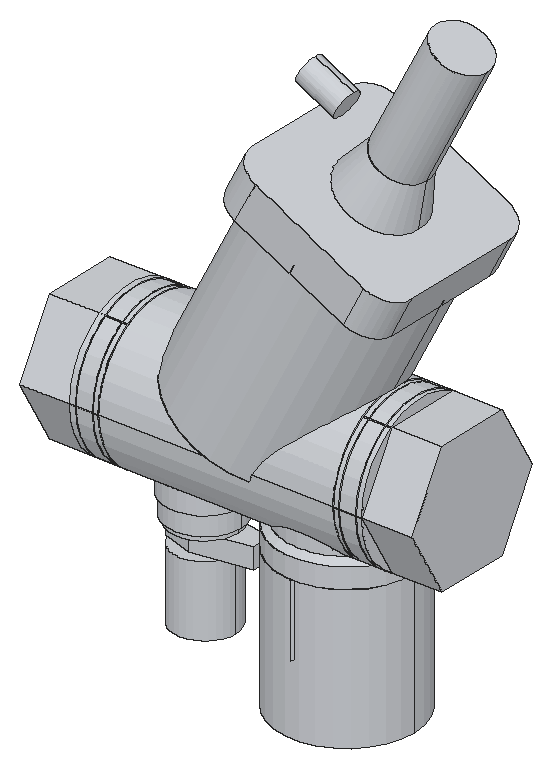
Revit family "PV_Compact_DN040_ 20-80_FF_měř-vyp_RFA_2019", category Pipe Accessories, Revit 2019
Family settings
  Round Connector Dimension = Use Diameter
  Part Type = Valve - Breaks Into
  Work Plane-Based = No
  Always vertical = Yes
  Cut with Voids When Loaded = No
  Shared = No
Parameters (values of type "PV Compact DN40 FF s měřením a vypouštěním (20-80kPa)")
  magiProductId = "edae53f0ee9843aa9c005a0dbc2db4"
  magiProductFamilyId = "88c57951ecb64b5d83dd1d4eb8fc72"
  magiPartTypeId = 304
  isMeasuringValve [instance] = no
  ang2D [instance] = 0.00°
  Z7 = 15 mm
  Z6 = 46.8 mm
  Z5 = 109.2 mm
  Z4 = 93.6 mm
  Z3 = 15.6 mm
  Z2 = 78 mm
  XR3 = 42.5 mm
  XR2 = 37.5 mm
  XR1 = 25.5 mm
  W2D = 15 mm
  VersionID = "2.0/2018.12.13.2/FRESE_PV_COMPACT_PLUG_Q13_001"
  Use Minimum Symbol Size [instance] = no
  URL = "www.hydronic.cz"
  Type Comments = "závitový s vnitřním závitem; s měřicí vsuvkou a vypouštěním; PN25; dpmax=450kPa; -10~+120°C"
  R5 = 5 mm
  R4 = 15 mm
  R3 = 10 mm
  R2 = 26.5 mm
  R1 = 31.5 mm
  QmdConnectorList = "301;D;302;D"
  Productdata [instance] = ""
  PH__ve = -PH  # -25.2 mm
  PH = 25.2 mm
  NL__ve = -NL  # -27.6 mm
  NL = 27.6 mm
  Manufacturer = "Hydronic Systems Prague s.r.o."
  MC Use Limits From Balancing Method = no
  MC Throttling Minimum Value = 0
  MC Throttling Maximum Value = 0
  MC Product Code = "53-3249 DN40; FF; nastavitelný rozsah dp=20~80kPa; Q=3000~8000l/h;  kvs=15,8"
  MC Pressure Drop Minimum Value = 0.0 Pa
  MC Pressure Drop Maximum Value = 0.0 Pa
  MC Piping Given Pressure Drop [instance] = 0.0 Pa
  M5 = 51.4 mm
  M4 = 49.4 mm
  M3 = 43.4 mm
  M2 = 41.4 mm
  LP = 69 mm
  LM = 82.8 mm
  LL__ve = -LL  # -7.1 mm
  LLT__ve = -LLT  # -24.7 mm
  LLT = 24.7 mm
  LL2 = 46 mm
  LL = 7.1 mm
  L3 = 25 mm
  L2D_Min = 30.48 mm
  L2D = 65 mm
  Description = "Nastavitelný regulátor tlakové diference"
  DR1 = yes
  DR0 = no
  DL2 = 80 mm
  D = 40 mm
  CenSd_R2_6 = R2 * cos(30.00°)  # 22.95 mm
  CAT0 = yes
  C0D1 = yes
  C0D0 = no
Types (10, lengths in mm): name | magiProductId | Z6 | Z5 | Z4 | Z3 | Z2 | XR3 | XR2 | XR1 | R2 | R1 | PH__ve | PH | NL__ve | NL | MC Product Code | M5 | M4 | M3 | M2 | LP | LM | LL__ve | LLT__ve | LLT | LL2 | LL | L3 | DL2 | D | CenSd_R2_6
  PV Compact DN15 FF s měřením a vypouštěním (20-60kPa) | "ebd4dd38c61a47e78db1b31e427098" | 24.6 | 57.4 | 49.2 | 8.2 | 41 | 30 | 25 | 13 | 14 | 19 | -22.4 | 22.4 | -15 | 15 | "53-3243 DN15; FF; nastavitelný rozsah dp=20~60kPa; Q=100~1000l/h;  kvs=2,9" | 32.5 | 30.5 | 24.5 | 22.5 | 37.5 | 45 | -5.7 | -14.9 | 14.9 | 32 | 5.7 | 11 | 66 | 15 | 12.124
  PV Compact DN15 FF s měřením a vypouštěním ( 5-30kPa) | "1e13aaf8f1b54965adca1ab26bd771" | 24.6 | 57.4 | 49.2 | 8.2 | 41 | 30 | 25 | 13 | 14 | 19 | -22.4 | 22.4 | -15 | 15 | "53-3242 DN15; FF; nastavitelný rozsah dp=5~30kPa; Q=50~600l/h;  kvs=2,9" | 32.5 | 30.5 | 24.5 | 22.5 | 37.5 | 45 | -5.7 | -14.9 | 14.9 | 32 | 5.7 | 11 | 66 | 15 | 12.124
  PV Compact DN20 FF s měřením a vypouštěním (20-60kPa) | "6d4e29c475624129ae1d8630218e83" | 24.6 | 57.4 | 49.2 | 8.2 | 41 | 30 | 25 | 13 | 14 | 19 | -22.4 | 22.4 | -15.8 | 15.8 | "53-3245 DN20; FF; nastavitelný rozsah dp=20~60kPa; Q=150~2000l/h;  kvs=3,5" | 33.7 | 31.7 | 25.7 | 23.7 | 39.5 | 47.4 | -5.7 | -14.9 | 14.9 | 32 | 5.7 | 11 | 66 | 20 | 12.124
  PV Compact DN20 FF s měřením a vypouštěním ( 5-30kPa) | "3c7d936801344d2a9486b3d5f20c15" | 24.6 | 57.4 | 49.2 | 8.2 | 41 | 30 | 25 | 13 | 14 | 19 | -22.4 | 22.4 | -15.8 | 15.8 | "53-3244 DN20; FF; nastavitelný rozsah dp=5~30kPa; Q=100~1000l/h;  kvs=3,5" | 33.7 | 31.7 | 25.7 | 23.7 | 39.5 | 47.4 | -5.7 | -14.9 | 14.9 | 32 | 5.7 | 11 | 66 | 20 | 12.124
  PV Compact DN25 FF s měřením a vypouštěním ( 5-30kPa) | "40b783a088714ff8af367f7ba18a04" | 25.5 | 59.5 | 51 | 8.5 | 42.5 | 30 | 25 | 13 | 14 | 19 | -22.8 | 22.8 | -16.6 | 16.6 | "53-3251 DN25; FF; nastavitelný rozsah dp=5~30kPa; Q=600~2100l/h;  kvs=4,0" | 34.9 | 32.9 | 26.9 | 24.9 | 41.5 | 49.8 | -5.9 | -16.3 | 16.3 | 34 | 5.9 | 11 | 68 | 25 | 12.124
  PV Compact DN25L FF s měřením a vypouštěním (20-80kPa) | "7052257d0cc94620b8f60c4ac85ccd" | 40.2 | 93.8 | 80.4 | 13.4 | 67 | 42.5 | 37.5 | 25.5 | 26.5 | 31.5 | -23.6 | 23.6 | -20 | 20 | "53-3247 DN25; FF; nastavitelný rozsah dp=20~80kPa; Q=750~4200l/h;  kvs=8,7" | 40 | 38 | 32 | 30 | 50 | 60 | -6.3 | -19.1 | 19.1 | 38 | 6.3 | 11 | 72 | 25 | 22.95
  PV Compact DN25L FF s měřením a vypouštěním ( 5-30kPa) | "006ff7ff77e34fd39e52f3f4c37192" | 40.2 | 93.8 | 80.4 | 13.4 | 67 | 42.5 | 37.5 | 25.5 | 26.5 | 31.5 | -23.6 | 23.6 | -20 | 20 | "53-3246 DN25L; FF; nastavitelný rozsah dp=5~30kPa; Q=600~2500l/h;  kvs=8,7" | 40 | 38 | 32 | 30 | 50 | 60 | -6.3 | -19.1 | 19.1 | 38 | 6.3 | 11 | 72 | 25 | 22.95
  PV Compact DN32 FF s měřením a vypouštěním (20-80kPa) | "e53839f5e58040c69ad69dcf8b7122" | 40.2 | 93.8 | 80.4 | 13.4 | 67 | 42.5 | 37.5 | 25.5 | 26.5 | 31.5 | -24.6 | 24.6 | -20.8 | 20.8 | "53-3248 DN32; FF; nastavitelný rozsah dp=20~80kPa; Q=1000~5000l/h;  kvs=10,1" | 41.2 | 39.2 | 33.2 | 31.2 | 52 | 62.4 | -6.8 | -22.6 | 22.6 | 43 | 6.8 | 25 | 77 | 32 | 22.95
  PV Compact DN40 FF s měřením a vypouštěním (20-80kPa) | "edae53f0ee9843aa9c005a0dbc2db4" | 46.8 | 109.2 | 93.6 | 15.6 | 78 | 42.5 | 37.5 | 25.5 | 26.5 | 31.5 | -25.2 | 25.2 | -27.6 | 27.6 | "53-3249 DN40; FF; nastavitelný rozsah dp=20~80kPa; Q=3000~8000l/h;  kvs=15,8" | 51.4 | 49.4 | 43.4 | 41.4 | 69 | 82.8 | -7.1 | -24.7 | 24.7 | 46 | 7.1 | 25 | 80 | 40 | 22.95
  PV Compact DN50 FF s měřením a vypouštěním (20-80kPa) | "7572286e99104aaeaae4a504f9a6dd" | 46.8 | 109.2 | 93.6 | 15.6 | 78 | 42.5 | 37.5 | 25.5 | 35.25 | 31.5 | -26.4 | 26.4 | -27.6 | 27.6 | "53-3250 DN50; FF; nastavitelný rozsah dp=20~80kPa; Q=5000~11500l/h;  kvs=16,2" | 51.4 | 49.4 | 43.4 | 41.4 | 69 | 82.8 | -7.7 | -28.9 | 28.9 | 52 | 7.7 | 25 | 86 | 50 | 30.527
Reference planes
  plane 1 "Center (Front/Back)": y = 0
  plane 2 "XYPLANE": z = 0
  plane 3 "Center (Left/Right)": x = 0
  plane 4 "408": x = 69
  plane 5 "407": x = -69
  plane 6 "402": z = -80
  plane 7 "213": x = 25
  plane 8 "168": z = -20.7
  plane 9 "167": z = -22.7
  plane 10 "166": z = -29.8
  plane 11 "165": z = -36.9
  plane 12 "164": z = -38.9
  plane 13 "154": z = 0
  plane 14 "152": y = 0
  plane 15 "151": z = -46
  plane 16 "150": x = -25
  plane 17 "75": through (307.08, 0, 685.28) normal (0.891, 0, -0.454)
  plane 18 "74": x = 51.4
  plane 19 "73": x = 49.4
  plane 20 "72": x = 43.4
  plane 21 "71": x = 41.4
  plane 22 "70": x = -51.4
  plane 23 "69": x = -49.4
  plane 24 "68": x = -43.4
  plane 25 "67": y = 0
  plane 26 "66": through (-666.893, 0, 343.166) normal (0.454, 0, 0.891)
  plane 27 "65": x = -41.4
  plane 28 "64": through (335.147, 0, 670.979) normal (0.891, 0, -0.454)
  plane 29 "63": through (-632.844, 0, 409.991) normal (0.454, 0, 0.891)
  plane 30 "62": through (363.214, 0, 656.678) normal (0.891, 0, -0.454)
  plane 31 "61": y = 31.5
  plane 32 "60": y = -31.5
  plane 33 "59": through (-625.761, 0, 423.891) normal (0.454, 0, 0.891)
  plane 34 "58": through (-618.679, 0, 437.791) normal (0.454, 0, 0.891)
  plane 35 "57": through (302.625, 0, 687.549) normal (0.891, 0, -0.454)
  plane 36 "56": x = 0
  plane 37 "55": through (-668.255, 0, 340.493) normal (0.454, 0, 0.891)
  plane 38 "102XY": through (-668.255, 0, 340.493) normal (0.454, 0, 0.891)
  plane 39 "102XZ": y = 0
  plane 40 "102YZ": through (340.493, 0, 668.255) normal (0.891, 0, -0.454)
Forms (mm)
  Extrusion 1, solid
    sketch origin (69, -750, 0) x (0, 1, 0) y (0, 0, 1)
      loop
        line (776.5, 0) -> (763.25, 22.95) -> (736.75, 22.95) -> (723.5, 0) -> (736.75, -22.95) -> (763.25, -22.95) -> (776.5, 0)
    from 0 to -27.6 <- "NL__ve"
  Extrusion 2, solid
    sketch origin (-69, -750, 0) x (0, 1, 0) y (0, 0, 1)
      loop
        line (723.5, 0) -> (736.75, -22.95) -> (763.25, -22.95) -> (776.5, 0) -> (763.25, 22.95) -> (736.75, 22.95) -> (723.5, 0)
    from 0 to 27.6 <- "NL"
  Extrusion 3, solid, visible <- "C0D1"
    sketch origin (-750, 0, -80) x (1, 0, 0) y (0, 1, 0)
      loop
        circle (775, 0) r 24
    from 0 to 50
  Extrusion 4, solid, visible <- "DR1"
    sketch origin (-750, 0, -29.8) x (1, 0, 0) y (0, 1, 0)
      loop
        line (775, -24.5) -> (790.292, -6) -> (790.292, 6) -> (775, 24.5) -> (750.608, 6) -> (750.608, -6) -> (775, -24.5)
    from 0 to -25.2 <- "PH__ve"
  Extrusion 5, solid, visible <- "DR1"
    sketch origin (-750, 0, -29.8) x (1, 0, 0) y (0, 1, 0)
      loop
        circle (775, 0) r 24
    from 0 to 7.1 <- "LL"
  Blend 6, solid, visible <- "DR1"
    base sketch origin (-750, 0, -20.7) x (1, 0, 0) y (0, 1, 0)
      loop
        circle (775, 0) r 21.5
    top sketch origin (-750, 0, -20.7) x (1, 0, 0) y (0, 1, 0)
      loop
        circle (775, 0) r 24
    from 0 to -2
  Extrusion 7, solid, visible <- "DR1"
    sketch origin (-750, 0, 0) x (1, 0, 0) y (0, 1, 0)
      loop
        circle (775, 0) r 21.5
    from 0 to -24.7 <- "LLT__ve"
  Extrusion 8, solid, visible <- "C0D0"
    sketch origin (-750, 0, -46) x (1, 0, 0) y (0, 1, 0)
      loop
        circle (775, 0) r 20
    from 0 to -25
  Extrusion 9, solid, visible <- "DR0"
    sketch origin (-750, 0, -38.9) x (1, 0, 0) y (0, 1, 0)
      loop
        line (775, -7) -> (785.962, -3.5) -> (785.962, 3.5) -> (775, 7) -> (754.938, 3.5) -> (754.938, -3.5) -> (775, -7)
    from 0 to -7.1 <- "LL__ve"
  Extrusion 10, solid, visible <- "DR0"
    sketch origin (-750, 0, -38.9) x (1, 0, 0) y (0, 1, 0)
      loop
        circle (775, 0) r 21
    from 0 to 2
  Extrusion 11, solid, visible <- "DR0"
    sketch origin (-750, 0, -29.8) x (1, 0, 0) y (0, 1, 0)
      loop
        circle (775, 0) r 23
    from 0 to 7.1 <- "LL"
  Blend 12, solid, visible <- "DR0"
    base sketch origin (-750, 0, -20.7) x (1, 0, 0) y (0, 1, 0)
      loop
        circle (775, 0) r 20.5
    top sketch origin (-750, 0, -20.7) x (1, 0, 0) y (0, 1, 0)
      loop
        circle (775, 0) r 23
    from 0 to -2
  Extrusion 13, solid, visible <- "DR0"
    sketch origin (-750, 0, 0) x (1, 0, 0) y (0, 1, 0)
      loop
        circle (775, 0) r 20.5
    from 0 to -24.7 <- "LLT__ve"
  Extrusion 14, solid, visible <- "DR0"
    sketch origin (-750, 0, 0) x (1, 0, 0) y (0, 1, 0)
      loop
        circle (775, 0) r 20.5
    from 0 to -24.7 <- "LLT__ve"
  Blend 15, solid, visible <- "DR0"
    base sketch origin (-750, 0, -20.7) x (1, 0, 0) y (0, 1, 0)
      loop
        circle (775, 0) r 20.5
    top sketch origin (-750, 0, -20.7) x (1, 0, 0) y (0, 1, 0)
      loop
        circle (775, 0) r 23
    from 0 to -2
  Extrusion 16, solid, visible <- "DR0"
    sketch origin (-750, 0, -29.8) x (1, 0, 0) y (0, 1, 0)
      loop
        circle (775, 0) r 23
    from 0 to 7.1 <- "LL"
  Extrusion 17, solid, visible <- "DR0"
    sketch origin (-750, 0, -36.9) x (1, 0, 0) y (0, 1, 0)
      loop
        circle (775, 0) r 22
    from 0 to 7.1 <- "LL"
  Extrusion 18, solid, visible <- "DR0"
    sketch origin (-750, 0, -38.9) x (1, 0, 0) y (0, 1, 0)
      loop
        circle (775, 0) r 21
    from 0 to 2
  Extrusion 19, solid, visible <- "DR0"
    sketch origin (-750, 0, -38.9) x (1, 0, 0) y (0, 1, 0)
      loop
        line (775, -7) -> (785.962, -3.5) -> (785.962, 3.5) -> (775, 7) -> (754.938, 3.5) -> (754.938, -3.5) -> (775, -7)
    from 0 to -7.1 <- "LL__ve"
  Extrusion 20, solid, visible <- "C0D0"
    sketch origin (-750, 0, -46) x (1, 0, 0) y (0, 1, 0)
      loop
        circle (775, 0) r 20
    from 0 to -25
  Extrusion 21, solid, visible <- "CAT0"
    sketch origin (-750, 0, -46) x (1, 0, 0) y (0, 1, 0)
      loop
        circle (725, 0) r 10.9
    from 0 to -25
  Extrusion 22, solid
    sketch origin (-750, 0, -38.9) x (1, 0, 0) y (0, 1, 0)
      loop
        line (725, -7) -> (745.062, -3.5) -> (745.062, 3.5) -> (725, 7) -> (714.038, 3.5) -> (714.038, -3.5) -> (725, -7)
    from 0 to -7.1 <- "LL__ve"
  Extrusion 23, solid
    sketch origin (-750, 0, -38.9) x (1, 0, 0) y (0, 1, 0)
      loop
        circle (725, 0) r 11.9
    from 0 to 2
  Extrusion 24, solid
    sketch origin (-750, 0, -36.9) x (1, 0, 0) y (0, 1, 0)
      loop
        circle (725, 0) r 12.9
    from 0 to 7.1 <- "LL"
  Extrusion 25, solid
    sketch origin (-750, 0, -29.8) x (1, 0, 0) y (0, 1, 0)
      loop
        circle (725, 0) r 13.9
    from 0 to 7.1 <- "LL"
  Blend 26, solid
    base sketch origin (-750, 0, -20.7) x (1, 0, 0) y (0, 1, 0)
      loop
        circle (725, 0) r 11.4
    top sketch origin (-750, 0, -20.7) x (1, 0, 0) y (0, 1, 0)
      loop
        circle (725, 0) r 13.9
    from 0 to -2
  Extrusion 27, solid
    sketch origin (-750, 0, 0) x (1, 0, 0) y (0, 1, 0)
      loop
        circle (725, 0) r 11.4
    from 0 to -24.7 <- "LLT__ve"
  Blend 28, solid, visible <- "CAT0"
    base sketch origin (49.4, -750, 0) x (0, 1, 0) y (0, 0, 1)
      loop
        circle (750, 0) r 26.5
    top sketch origin (49.4, -750, 0) x (0, 1, 0) y (0, 0, 1)
      loop
        circle (750, 0) r 26.5
    from 0 to 2
  Extrusion 29, solid, visible <- "CAT0"
    sketch origin (43.4, -750, 0) x (0, 1, 0) y (0, 0, 1)
      loop
        circle (750, 0) r 26.5
    from 0 to 6
  Blend 30, solid, visible <- "CAT0"
    base sketch origin (41.4, -750, 0) x (0, 1, 0) y (0, 0, 1)
      loop
        circle (750, 0) r 26.5
    top sketch origin (41.4, -750, 0) x (0, 1, 0) y (0, 0, 1)
      loop
        circle (750, 0) r 26.5
    from 0 to 2
  Blend 31, solid, visible <- "CAT0"
    base sketch origin (-49.4, -750, 0) x (0, 1, 0) y (0, 0, 1)
      loop
        circle (750, 0) r 26.5
    top sketch origin (-49.4, -750, 0) x (0, 1, 0) y (0, 0, 1)
      loop
        circle (750, 0) r 26.5
    from 0 to -2
  Extrusion 32, solid, visible <- "CAT0"
    sketch origin (-49.4, -750, 0) x (0, 1, 0) y (0, 0, 1)
      loop
        circle (750, 0) r 26.5
    from 0 to 6
  Blend 33, solid, visible <- "CAT0"
    base sketch origin (-43.4, -750, 0) x (0, 1, 0) y (0, 0, 1)
      loop
        circle (750, 0) r 26.5
    top sketch origin (-43.4, -750, 0) x (0, 1, 0) y (0, 0, 1)
      loop
        circle (750, 0) r 26.5
    from 0 to 2
  Extrusion 34, solid, visible <- "CAT0"
    sketch origin (-41.4, -750, 0) x (0, 1, 0) y (0, 0, 1)
      loop
        circle (750, 0) r 26.5
    from 0 to 82.8 <- "LM"
  Extrusion 35, solid, visible <- "CAT0"
    sketch origin (-666.893, 0, 343.166) x (0.891007, 0, -0.45399) y (0, 1, 0)
      loop
        circle (744, 0) r 31.5
    from 0 to 78 <- "Z2"
  Extrusion 36, solid, visible <- "CAT0"
    sketch origin (-632.844, 0, 409.991) x (0.891007, 0, -0.45399) y (0, 1, 0)
      loop
        arc (722.5, 31.5) -> (715.429, 28.571) -> (712.5, 21.5) r 10
        line (712.5, 21.5) -> (712.5, -21.5)
        arc (712.5, -21.5) -> (715.429, -28.571) -> (722.5, -31.5) r 10
        line (722.5, -31.5) -> (765.5, -31.5)
        arc (765.5, -31.5) -> (772.571, -28.571) -> (775.5, -21.5) r 10
        line (775.5, -21.5) -> (775.5, 21.5)
        arc (775.5, 21.5) -> (772.571, 28.571) -> (765.5, 31.5) r 10
        line (765.5, 31.5) -> (722.5, 31.5)
    from 0 to 15.6 <- "Z3"
  Blend 37, solid, visible <- "CAT0"
    base sketch origin (-625.761, 0, 423.891) x (0.891007, 0, -0.45399) y (0, 1, 0)
      loop
        circle (744, 0) r 15
    top sketch origin (-625.761, 0, 423.891) x (0.891007, 0, -0.45399) y (0, 1, 0)
      loop
        circle (744, 0) r 10
    from 0 to 15.6
  Extrusion 38, solid, visible <- "CAT0"
    sketch origin (-618.679, 0, 437.791) x (0.891007, 0, -0.45399) y (0, 1, 0)
      loop
        circle (744, 0) r 10
    from 0 to 46.8 <- "Z6"
  Extrusion 39, solid, visible <- "CAT0"
    sketch origin (302.625, 0, 687.549) x (-0.45399, 0, -0.891007) y (0, 1, 0)
      loop
        circle (640.8, 0) r 5
    from 0 to 15 <- "Z7"
  Blend 40, solid, visible <- "CAT0"
    base sketch origin (-668.255, 0, 340.493) x (0.891007, 0, -0.45399) y (0, 1, 0)
      loop
        circle (744, 0) r 27.5
    top sketch origin (-668.255, 0, 340.493) x (0.891007, 0, -0.45399) y (0, 1, 0)
      loop
        circle (744, 0) r 31.5
    from 0 to 3
  Extrusion 41, solid, not visible
    sketch origin (-51.4, -750, 0) x (0, 1, 0) y (0, 0, 1)
      loop
        circle (750, 0) r 22.5
    from 0 to 10
  Extrusion 42, solid, not visible
    sketch origin (51.4, -750, 0) x (0, 1, 0) y (0, 0, 1)
      loop
        circle (750, 0) r 22.5
    from 0 to -10
Lines and regions (mm)
  reference lines, not visible
    curve 1: circle (2, 2, 0) r 1 normal (0, 0, 1)
  reference lines
    curve 2: line (69, 0, 0) -> (69, -3.5, 6.062)
    curve 3: line (69, 0, 0) -> (69, -7, 0)
    curve 4: line (69, 0, 0) -> (69, -3.5, -6.062)
    curve 5: line (-69, 0, 0) -> (-69, 3.5, 6.062)
    curve 6: line (-69, 0, 0) -> (-69, 7, 0)
    curve 7: line (-69, 0, 0) -> (-69, 3.5, -6.062)
Dimensions and locks
  plane 1 "Center (Front/Back)" to curve 1 = 2 mm
  "LP": plane 36 "56" to plane 4 "408"
  "LP": plane 36 "56" to plane 5 "407"
  "DL2": plane 2 "XYPLANE" to plane 6 "402"
  "L3": plane 3 "Center (Left/Right)" to plane 7 "213"
  locked: plane 9 "167" to plane 8 "168" at 2
  "LL": plane 10 "166" to plane 9 "167"
  "LL": plane 11 "165" to plane 10 "166"
  locked: plane 12 "164" to plane 11 "165" at 2
  "LL": plane 15 "151" to plane 12 "164"
  locked: plane 2 "XYPLANE" to plane 13 "154"
  locked: plane 1 "Center (Front/Back)" to plane 14 "152"
  "LL2": plane 2 "XYPLANE" to plane 15 "151"
  "L3": plane 3 "Center (Left/Right)" to plane 16 "150"
  "XR2": plane 40 "102YZ" to plane 17 "75"
  "M5": plane 3 "Center (Left/Right)" to plane 18 "74"
  "M4": plane 3 "Center (Left/Right)" to plane 19 "73"
  "M3": plane 3 "Center (Left/Right)" to plane 20 "72"
  "M2": plane 3 "Center (Left/Right)" to plane 21 "71"
  "M5": plane 3 "Center (Left/Right)" to plane 22 "70"
  "M4": plane 3 "Center (Left/Right)" to plane 23 "69"
  "M3": plane 3 "Center (Left/Right)" to plane 24 "68"
  locked: plane 14 "152" to plane 25 "67"
  locked: plane 38 "102XY" to plane 26 "66" at 3
  "M2": plane 3 "Center (Left/Right)" to plane 27 "65"
  locked: plane 40 "102YZ" to plane 28 "64" at 6
  "Z2": plane 38 "102XY" to plane 29 "63"
  "XR1": plane 40 "102YZ" to plane 30 "62"
  "R1": plane 14 "152" to plane 31 "61"
  "R1": plane 14 "152" to plane 32 "60"
  "Z4": plane 38 "102XY" to plane 33 "59"
  "Z5": plane 38 "102XY" to plane 34 "58"
  "XR3": plane 40 "102YZ" to plane 35 "57"
  locked: plane 3 "Center (Left/Right)" to plane 36 "56"
  locked: plane 38 "102XY" to plane 37 "55"
  "CenSd_R2_6": curve 2 to Extrusion 1 sketch curve  (x2)
  "CenSd_R2_6": curve 3 to Extrusion 1 sketch curve  (x2)
  "CenSd_R2_6": curve 4 to Extrusion 1 sketch curve  (x2)
  Extrusion 1 sketch curve to Extrusion 1 sketch curve = 0 mm  (x12)
  "CenSd_R2_6": curve 5 to Extrusion 2 sketch curve  (x2)
  "CenSd_R2_6": curve 6 to Extrusion 2 sketch curve  (x2)
  "CenSd_R2_6": curve 7 to Extrusion 2 sketch curve  (x2)
  Extrusion 2 sketch curve to Extrusion 2 sketch curve = 0 mm  (x12)
  Extrusion 4 sketch curve to Extrusion 4 sketch curve = 0 mm  (x12)
  Extrusion 9 sketch curve to Extrusion 9 sketch curve = 0 mm  (x12)
  Extrusion 19 sketch curve to Extrusion 19 sketch curve = 0 mm  (x12)
  Extrusion 22 sketch curve to Extrusion 22 sketch curve = 0 mm  (x12)
  Extrusion 36 sketch curve to Extrusion 36 sketch curve = 0 mm  (x16)
  "R2": radius of Blend 28 sketch curve  (x2)
  "R2": radius of Extrusion 29 sketch curve
  "R2": radius of Blend 30 sketch curve  (x2)
  "R2": radius of Blend 31 sketch curve  (x2)
  "R2": radius of Extrusion 32 sketch curve
  "R2": radius of Blend 33 sketch curve  (x2)
  "R2": radius of Extrusion 34 sketch curve
  "R1": radius of Extrusion 35 sketch curve
  radius of Extrusion 36 sketch curve = 10 mm  (x4)
  "R3": radius of Blend 37 sketch curve
  "R4": radius of Blend 37 sketch curve
  "R3": radius of Extrusion 38 sketch curve
  "R5": radius of Extrusion 39 sketch curve
  "R1": radius of Blend 40 sketch curve
  locked: curve 3 to curve 2 (angle 60.00°)
  locked: curve 4 to curve 3 (angle 60.00°)
  locked: curve 4 to curve 2 (angle 120.00°)
  locked: curve 6 to curve 5 (angle 60.00°)
  locked: curve 7 to curve 6 (angle 60.00°)
  locked: curve 7 to curve 5 (angle 120.00°)
  aligned and locked: level to plane 2 "XYPLANE"
  aligned and locked: plane 13 "154" to curve 4
  aligned and locked: curve 4 to plane 14 "152"
  aligned and locked: plane 13 "154" to curve 7
  aligned and locked: curve 7 to plane 14 "152"
  aligned and locked: plane 7 "213" to Extrusion 3 sketch curve
  aligned and locked: plane 14 "152" to Extrusion 3 sketch curve
  aligned and locked: plane 7 "213" to Extrusion 5 sketch curve
  aligned and locked: plane 14 "152" to Extrusion 5 sketch curve
  aligned and locked: plane 7 "213" to Blend 6 sketch curve  (x2)
  aligned and locked: plane 14 "152" to Blend 6 sketch curve  (x2)
  aligned and locked: Blend 6 to plane 9 "167"
  aligned and locked: plane 7 "213" to Extrusion 7 sketch curve
  aligned and locked: plane 14 "152" to Extrusion 7 sketch curve
  aligned and locked: plane 7 "213" to Extrusion 8 sketch curve
  aligned and locked: plane 14 "152" to Extrusion 8 sketch curve
  aligned and locked: plane 7 "213" to Extrusion 10 sketch curve
  aligned and locked: plane 14 "152" to Extrusion 10 sketch curve
  aligned and locked: plane 7 "213" to Extrusion 11 sketch curve
  aligned and locked: plane 14 "152" to Extrusion 11 sketch curve
  aligned and locked: plane 7 "213" to Blend 12 sketch curve  (x2)
  aligned and locked: plane 14 "152" to Blend 12 sketch curve  (x2)
  aligned and locked: Blend 12 to plane 9 "167"
  aligned and locked: plane 7 "213" to Extrusion 13 sketch curve
  aligned and locked: plane 14 "152" to Extrusion 13 sketch curve
  aligned and locked: plane 7 "213" to Extrusion 14 sketch curve
  aligned and locked: plane 14 "152" to Extrusion 14 sketch curve
  aligned and locked: plane 7 "213" to Blend 15 sketch curve  (x2)
  aligned and locked: plane 14 "152" to Blend 15 sketch curve  (x2)
  aligned and locked: Blend 15 to plane 9 "167"
  aligned and locked: plane 7 "213" to Extrusion 16 sketch curve
  aligned and locked: plane 14 "152" to Extrusion 16 sketch curve
  aligned and locked: plane 7 "213" to Extrusion 17 sketch curve
  aligned and locked: plane 14 "152" to Extrusion 17 sketch curve
  aligned and locked: plane 7 "213" to Extrusion 18 sketch curve
  aligned and locked: plane 14 "152" to Extrusion 18 sketch curve
  aligned and locked: plane 7 "213" to Extrusion 20 sketch curve
  aligned and locked: plane 14 "152" to Extrusion 20 sketch curve
  aligned and locked: plane 14 "152" to Extrusion 21 sketch curve
  aligned and locked: plane 16 "150" to Extrusion 21 sketch curve
  aligned and locked: plane 14 "152" to Extrusion 23 sketch curve
  aligned and locked: plane 16 "150" to Extrusion 23 sketch curve
  aligned and locked: plane 14 "152" to Extrusion 24 sketch curve
  aligned and locked: plane 16 "150" to Extrusion 24 sketch curve
  aligned and locked: plane 14 "152" to Extrusion 25 sketch curve
  aligned and locked: plane 16 "150" to Extrusion 25 sketch curve
  aligned and locked: plane 14 "152" to Blend 26 sketch curve  (x2)
  aligned and locked: plane 16 "150" to Blend 26 sketch curve  (x2)
  aligned and locked: Blend 26 to plane 9 "167"
  aligned and locked: plane 14 "152" to Extrusion 27 sketch curve
  aligned and locked: plane 16 "150" to Extrusion 27 sketch curve
  aligned and locked: plane 13 "154" to Blend 28 sketch curve  (x2)
  aligned and locked: Blend 28 sketch curve to plane 14 "152"  (x2)
  aligned and locked: plane 18 "74" to Blend 28
  aligned and locked: plane 13 "154" to Extrusion 29 sketch curve
  aligned and locked: Extrusion 29 sketch curve to plane 14 "152"
  aligned and locked: plane 13 "154" to Blend 30 sketch curve  (x2)
  aligned and locked: Blend 30 sketch curve to plane 14 "152"  (x2)
  aligned and locked: plane 20 "72" to Blend 30
  aligned and locked: plane 13 "154" to Blend 31 sketch curve  (x2)
  aligned and locked: Blend 31 sketch curve to plane 14 "152"  (x2)
  aligned and locked: Blend 31 to plane 22 "70"
  aligned and locked: plane 13 "154" to Extrusion 32 sketch curve
  aligned and locked: Extrusion 32 sketch curve to plane 14 "152"
  aligned and locked: plane 13 "154" to Blend 33 sketch curve  (x2)
  aligned and locked: Blend 33 sketch curve to plane 14 "152"  (x2)
  aligned and locked: plane 27 "65" to Blend 33
  aligned and locked: plane 13 "154" to Extrusion 34 sketch curve
  aligned and locked: Extrusion 34 sketch curve to plane 14 "152"
  aligned and locked: plane 25 "67" to Extrusion 35 sketch curve
  aligned and locked: Extrusion 35 sketch curve to plane 28 "64"
  aligned and locked: Extrusion 36 sketch curve to plane 17 "75"
  aligned and locked: Extrusion 36 sketch curve to plane 32 "60"
  aligned and locked: Extrusion 36 sketch curve to plane 30 "62"
  aligned and locked: plane 31 "61" to Extrusion 36 sketch curve
  aligned and locked: plane 25 "67" to Blend 37 sketch curve  (x2)
  aligned and locked: Blend 37 sketch curve to plane 28 "64"  (x2)
  aligned and locked: plane 34 "58" to Blend 37
  aligned and locked: plane 25 "67" to Extrusion 38 sketch curve
  aligned and locked: Extrusion 38 sketch curve to plane 28 "64"
  aligned and locked: plane 25 "67" to Extrusion 39 sketch curve
  aligned and locked: plane 34 "58" to Extrusion 39 sketch curve
  aligned and locked: plane 25 "67" to Blend 40 sketch curve  (x2)
  aligned and locked: Blend 40 sketch curve to plane 28 "64"  (x2)
  aligned and locked: plane 26 "66" to Blend 40
  aligned and locked: plane 13 "154" to Extrusion 41 sketch curve
  aligned and locked: Extrusion 41 sketch curve to plane 14 "152"
  aligned and locked: plane 13 "154" to Extrusion 42 sketch curve
  aligned and locked: Extrusion 42 sketch curve to plane 14 "152"
Automatic sketch dimensions
  plane 3 "Center (Left/Right)" to Extrusion 3 sketch curve = 1 mm
  Extrusion 4 sketch curve to plane 7 "213" = 0 mm  (x2)
  plane 3 "Center (Left/Right)" to Extrusion 4 sketch curve = 0.608 mm
  Extrusion 4 sketch curve to plane 21 "71" = 1.108 mm
  plane 32 "60" to Extrusion 4 sketch curve = 7 mm
  plane 1 "Center (Front/Back)" to Extrusion 4 sketch curve = 6 mm  (x2)
  Extrusion 4 sketch curve to plane 1 "Center (Front/Back)" = 6 mm  (x2)
  Extrusion 4 sketch curve to plane 31 "61" = 7 mm
  plane 3 "Center (Left/Right)" to Extrusion 5 sketch curve = 1 mm
  plane 3 "Center (Left/Right)" to Blend 6 sketch curve = 3.5 mm
  plane 3 "Center (Left/Right)" to Blend 6 sketch curve = 1 mm
  plane 3 "Center (Left/Right)" to Extrusion 7 sketch curve = 3.5 mm
  plane 3 "Center (Left/Right)" to Extrusion 8 sketch curve = 5 mm
  Extrusion 9 sketch curve to plane 7 "213" = 0 mm  (x2)
  plane 3 "Center (Left/Right)" to Extrusion 9 sketch curve = 4.938 mm
  Extrusion 9 sketch curve to plane 21 "71" = 5.438 mm
  plane 1 "Center (Front/Back)" to Extrusion 9 sketch curve = 7 mm
  plane 1 "Center (Front/Back)" to Extrusion 9 sketch curve = 3.5 mm  (x2)
  Extrusion 9 sketch curve to plane 1 "Center (Front/Back)" = 3.5 mm  (x2)
  Extrusion 9 sketch curve to Extrusion 9 sketch curve = 3.5 mm
  plane 3 "Center (Left/Right)" to Extrusion 10 sketch curve = 4 mm
  plane 3 "Center (Left/Right)" to Extrusion 11 sketch curve = 2 mm
  plane 3 "Center (Left/Right)" to Blend 12 sketch curve = 4.5 mm
  plane 3 "Center (Left/Right)" to Blend 12 sketch curve = 2 mm
  plane 3 "Center (Left/Right)" to Extrusion 13 sketch curve = 4.5 mm
  plane 3 "Center (Left/Right)" to Extrusion 14 sketch curve = 4.5 mm
  plane 3 "Center (Left/Right)" to Blend 15 sketch curve = 4.5 mm
  plane 3 "Center (Left/Right)" to Blend 15 sketch curve = 2 mm
  plane 3 "Center (Left/Right)" to Extrusion 16 sketch curve = 2 mm
  plane 3 "Center (Left/Right)" to Extrusion 17 sketch curve = 3 mm
  plane 3 "Center (Left/Right)" to Extrusion 18 sketch curve = 4 mm
  Extrusion 19 sketch curve to plane 7 "213" = 0 mm  (x2)
  plane 3 "Center (Left/Right)" to Extrusion 19 sketch curve = 4.938 mm
  Extrusion 19 sketch curve to plane 21 "71" = 5.438 mm
  plane 1 "Center (Front/Back)" to Extrusion 19 sketch curve = 7 mm
  plane 1 "Center (Front/Back)" to Extrusion 19 sketch curve = 3.5 mm  (x2)
  Extrusion 19 sketch curve to plane 1 "Center (Front/Back)" = 3.5 mm  (x2)
  Extrusion 19 sketch curve to Extrusion 19 sketch curve = 3.5 mm
  plane 3 "Center (Left/Right)" to Extrusion 20 sketch curve = 5 mm
  plane 27 "65" to Extrusion 21 sketch curve = 5.5 mm
  Extrusion 22 sketch curve to plane 16 "150" = 0 mm  (x2)
  plane 27 "65" to Extrusion 22 sketch curve = 5.438 mm
  Extrusion 22 sketch curve to plane 3 "Center (Left/Right)" = 4.938 mm
  plane 1 "Center (Front/Back)" to Extrusion 22 sketch curve = 7 mm
  plane 1 "Center (Front/Back)" to Extrusion 22 sketch curve = 3.5 mm  (x2)
  Extrusion 22 sketch curve to plane 1 "Center (Front/Back)" = 3.5 mm  (x2)
  Extrusion 22 sketch curve to Extrusion 22 sketch curve = 3.5 mm
  plane 27 "65" to Extrusion 23 sketch curve = 4.5 mm
  plane 27 "65" to Extrusion 24 sketch curve = 3.5 mm
  plane 27 "65" to Extrusion 25 sketch curve = 2.5 mm
  plane 27 "65" to Blend 26 sketch curve = 5 mm
  plane 27 "65" to Blend 26 sketch curve = 2.5 mm
  plane 27 "65" to Extrusion 27 sketch curve = 5 mm
  plane 17 "75" to Blend 40 sketch curve = 4 mm
  plane 32 "60" to Extrusion 41 sketch curve = 9 mm
  plane 32 "60" to Extrusion 42 sketch curve = 9 mm
  plane 3 "Center (Left/Right)" to curve 1 = 2 mm
  radius of curve 1 = 1 mm
Connectors
  piping at (-51.4, 0, 0), diameter 40, driven by "D"
    settings: on Extrusion 41, index 1, connector inside diameter 609.6 mm, connector length 0 mm, flow factor 0, pipe flow 0.0 L/s, pressure drop 0.0 Pa, fitting loss kfactor 0, connector angle 0.00°, fixture units 0, engagement length 0 mm, angle of deflection 0.00°, flow configuration 0, flow direction 0, fitting loss method 0, system type 29, joint type 0, gender type 0, connector reference index 2, connector utility 0, adjustable connector no, is connector primary yes, connector description ""
  piping at (51.4, 0, 0), diameter 40, driven by "D"
    settings: on Extrusion 42, index 2, connector inside diameter 609.6 mm, connector length 0 mm, flow factor 0, pipe flow 0.0 L/s, pressure drop 0.0 Pa, fitting loss kfactor 0, connector angle 0.00°, fixture units 0, engagement length 0 mm, angle of deflection 0.00°, flow configuration 0, flow direction 0, fitting loss method 0, system type 29, joint type 0, gender type 0, connector reference index 1, connector utility 0, adjustable connector no, is connector primary no, connector description ""
